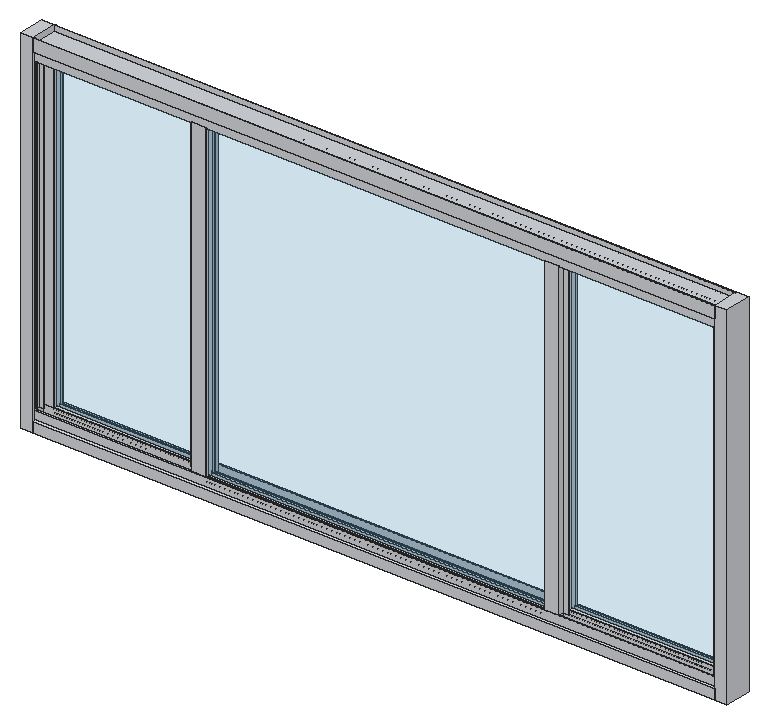
Revit family "MT-VMS_DB-SG_XOX", category Windows, host Wall, Revit 2017
Family settings
  Host = Wall
  OmniClass Number = 23.30.20.00
  OmniClass Title = Windows
  Always vertical = Yes
  Cut with Voids When Loaded = No
  Shared = No
  Room Calculation Point = No
Parameters
  YEAR = "2019"  # constant formula
  WARNING = if(or(Height = Max Height, Width = Max Width), 1 = 1, 1 = 0)  # no
  VERSION = "2.1"  # constant formula
  URL = "WWW.ALSPEC.COM.AU"
  TOLERANCE = 10 mm
  TODAYS DATE = "2/12/2018"  # constant formula
  SINGLE GLAZED THICKNESS = 5 mm
  Rough Width = 2000 mm
  Rough Height = 1000 mm
  OFFSET = 30 mm
  Model = "VIEWMAX SLIDING WINDOW"  # constant formula
  Max Width = if([76mm FRAME THICKNESS], ((MAX PANEL WIDTH + 31 mm) * 2), ((MAX PANEL WIDTH + 40 mm) * 2))  # 2462 mm
  Max Height = if([76mm FRAME THICKNESS], (MAX PANEL HEIGHT + 41 mm + 36 mm), (MAX PANEL HEIGHT + 50 mm + 56 mm))  # 1677 mm
  MAX PANEL WIDTH = 1200 mm  # constant formula
  MAX PANEL HEIGHT = 1600 mm  # constant formula
  Height = if(Rough Height > Max Height, Max Height, Rough Height)  # 1000 mm
  GLAZED MATERIAL = Glass
  FRAME MATERIAL = none
  Default Sill Height = 900 mm
  Wall Closure = By host
  Width = if(Rough Width > Max Width, Max Width, Rough Width)  # 2000 mm
  DOUBLE GLAZED THICKNESS = 15 mm
  DOUBLE GLAZED = no
  CREATOR = "SCOTT ISOUARD"  # constant formula
  COMPANY = "ARCHVIS"  # constant formula
  Analytic Construction = "<None>"
  ANZRC COMPLIANT = "YES"  # constant formula
  AIR POCKET = 5 mm
  76mm FRAME THICKNESS = not([101.6mm FRAME THICKNESS])  # yes
  101.6mm FRAME THICKNESS = no
Reference planes
  plane 1 "Center (Front/Back)": y = 0
  plane 2 "Center (Left/Right)": x = 0
  plane 3 "Left": x = -1000
  plane 4 "Right": x = 1000
  plane 5 "Sill": z = 900
  plane 6 "Head": z = 1900
  plane 7 "Exterior": y = 100
  plane 8 "Interior": y = -100
  plane 9: y = 70
  plane 10: x = -1010
  plane 11: x = 1010
  plane 12: z = 890
  plane 13: z = 1910
Lines and regions (mm)
  Opening 1
    outline origin (3500, -100, 0) x (1, 0, 0) y (0, 0, 1)
      loop
        line (-2490, 890) -> (-2490, 1910) -> (-4510, 1910) -> (-4510, 890) -> (-2490, 890)
Text (mm)
  text "EXTERIOR" at (-1963.203, 1332.353, 0), in view "Ref. Level"
  text "INTERIOR" at (-1981.466, -818.386, 0), in view "Ref. Level"
  text "Exterior" at (0, 923.751, 2943.296), in view "Right"
  text "Exterior" at (0, 1040.484, 2685.409), in view "Left"
Dimensions and locks
  equal spacing: plane 3 "Left", plane 2 "Center (Left/Right)", plane 4 "Right"
  "Width": plane 3 "Left" to plane 4 "Right"
  "Height": plane 5 "Sill" to plane 6 "Head"
  "Default Sill Height": plane 5 "Sill" to level
  locked: plane 7 "Exterior" to host wall at 0
  locked: plane 8 "Interior" to host wall
  "OFFSET": plane 9 to plane 7 "Exterior"
  "TOLERANCE": plane 10 to plane 3 "Left"
  "TOLERANCE": plane 4 "Right" to plane 11
  "TOLERANCE": plane 6 "Head" to plane 13
  "TOLERANCE": plane 12 to plane 5 "Sill"
  aligned and locked: Opening 1 sketch curve to plane 13
  aligned and locked: Opening 1 sketch curve to plane 11
  aligned and locked: Opening 1 sketch curve to plane 12
  aligned and locked: Opening 1 sketch curve to plane 10
  aligned and locked: nested 1 to plane 2 "Center (Left/Right)"
  aligned and locked: nested 2 to plane 2 "Center (Left/Right)"
  aligned and locked: nested 3 to plane 2 "Center (Left/Right)"
  aligned and locked: nested 3 to plane 9
  aligned and locked: nested 3 to plane 5 "Sill"
  aligned and locked: nested 2 to plane 9
  aligned and locked: nested 2 to plane 5 "Sill"
Nested families
  nested 1: "WARNING TAG" at (0, -1836.503, 0), MAX.WIDTH <- "MAX PANEL WIDTH", visible <- "WARNING", type "WARNING TAG"
    with MAX.WIDTH 1200 mm, MAX.HEIGHT 1600 mm
  nested 2: "VMS_DB-SG_XOX_76mm" at (0, 70, 900), visible <- "76mm FRAME THICKNESS", Sash Material <- "FRAME MATERIAL", type "VMS_DB-SG_XOX_76mm"
  nested 3: "VMS_DB-SG_XOX_101mm" at (0, 70, 900), visible <- "101.6mm FRAME THICKNESS", Sash Material <- "FRAME MATERIAL", type "VMS_DB-SG_XOX_101mm"
Definition of nested family "VMS_DB-SG_XOX_76mm"
  Parameters (values of type "VMS_DB-SG_XOX_76mm")
    WIDTH = 2000 mm
    Sash Material [instance] = none
    SINGLE GLAZED THICKNESS = 5 mm
    PANEL WIDTH = (WIDTH / 4 - 31 mm)  # 469 mm
    PANEL HEIGHT = HEIGHT - 36 mm - 41 mm  # 923 mm
    MID PANEL WIDTH = (WIDTH / 2 + 16 mm)  # 1016 mm
    HEIGHT = 1000 mm
    HAFT PANEL WIDTH = (PANEL WIDTH + 1 mm - 1 mm) / 2 + 1.8 mm  # 236.3 mm
    GLAZED MATERIAL = none
    FRAME WIDTH = 35 mm  # constant formula
    FRAME THICKNESS = 76 mm  # constant formula
    FRAME MATERIAL = none
    DOUBLE GLAZED THICKNESS = 15 mm
    DOUBLE GLAZED = no
    AIR POCKET = 5 mm
  Reference planes
    plane 1 "Center (Front/Back)": y = 0
    plane 2: z = 0
    plane 3 "Center (Left/Right)": x = 0
    plane 4: y = -76
    plane 5: x = -1000
    plane 6: x = 1000
    plane 7: x = -965
    plane 8: x = 965
    plane 9: z = 1000
    plane 10: z = 36
    plane 11: z = 959
    plane 12: y = -54
    plane 13: y = -22
    plane 14: x = -728.7
    plane 15: x = 728.7
    plane 16: x = -508
    plane 17: x = 508
  Forms (mm)
    Extrusion 1, solid, material <- "Sash Material"
      sketch origin (0, 0, 0) x (1, 0, 0) y (0, 1, 0)
        loop
          line (-1000, 0) -> (-1000, -76) -> (-965, -76) -> (-965, 0) -> (-1000, 0)
        loop
          line (965, 0) -> (965, -76) -> (1000, -76) -> (1000, 0) -> (965, 0)
      from 0 to 1000
    Sweep 2, solid, material <- "Sash Material"
      path origin (0, 0, 0) x (1, 0, 0) y (0, 0, 1)
        loop
          line (965, 1000) -> (-965, 1000)
      profile "VMS_VM8_HEAD DETAIL : VMS_VM8_HEAD DETAIL" origin (0, 0, 1000) x (0, 0, -1) y (0, -1, 0)
        loop
          line (0, 0) -> (35, 0) -> (35, 5.5) -> (59, 5.5) -> (59, 7.3) -> (33.2, 7.3) -> (33.2, 1.8) -> (16.1, 1.8) -> (16.1, 37.2) -> (59, 37.2) -> (59, 38.8) -> (16.1, 38.8) -> (16.1, 74.2) -> (33.2, 74.2) -> (33.2, 68.7) -> (59, 68.7) -> (59, 70.5) -> (35, 70.5) -> (35, 76) -> (0, 76) -> (0, 74.5) -> (14.5, 74.5) -> (14.5, 1.5) -> (0, 1.5) -> (0, 0)
    Sweep 3, solid, material <- "Sash Material"
      path origin (0, 0, 0) x (1, 0, 0) y (0, 0, 1)
        loop
          line (965, 0) -> (-965, 0)
      profile "VMS_VM10_BOT DETAIL : VMS_VM10_BOT DETAIL" origin (0, 0, 0) x (0, 0, -1) y (0, -1, 0)
        loop
          line (-14.448, 1.5) -> (-14.448, 38) -> (-18.196, 38) -> (-18.196, 74.4) -> (0, 74.4) -> (0, 76) -> (-27.256, 76) -> (-31.278, 70.723) -> (-56.143, 70.723) -> (-56.143, 68.723) -> (-31.278, 68.723) -> (-31.278, 38.823) -> (-56.143, 38.823) -> (-56.143, 37.223) -> (-31.278, 37.223) -> (-31.278, 7.323) -> (-56.143, 7.323) -> (-56.143, 5.323) -> (-31.278, 5.323) -> (-27.291, 0) -> (0, 0) -> (0, 1.5) -> (-14.448, 1.5)
        loop
          line (-29.678, 70.183) -> (-29.678, 5.689) -> (-26.54, 1.5) -> (-15.948, 1.5) -> (-15.948, 36.6) -> (-19.696, 36.6) -> (-19.696, 74.4) -> (-26.464, 74.4) -> (-29.678, 70.183)
    Sweep 4, solid, material <- "Sash Material"
      path origin (0, 0, 0) x (1, 0, 0) y (0, 0, 1)
        loop
          line (-965, 941) -> (-965, 56.143)
      profile "VMS_VM12_SILL DETAIL : VMS_VM12_SILL DETAIL" origin (-965, 0, 498.571) x (1, 0, 0) y (0, -1, 0)
        loop
          line (1.5, 37.2) -> (29.712, 37.2) -> (29.712, 38.8) -> (1.5, 38.8) -> (1.5, 53.9) -> (15, 53.9) -> (15, 55.4) -> (1.5, 55.4) -> (1.5, 69) -> (7.5, 69) -> (7.5, 70.7) -> (0, 70.7) -> (0, 5.3) -> (29.712, 5.3) -> (29.712, 7.3) -> (1.5, 7.3) -> (1.5, 37.2)
    Sweep 5, solid, material <- "Sash Material"
      path origin (0, 0, 0) x (1, 0, 0) y (0, 0, 1)
        loop
          line (965, 941) -> (965, 56.143)
      profile "VMS_VM12_SILL DETAIL : VMS_VM12_SILL DETAIL" origin (965, 0, 498.571) x (1, 0, 0) y (0, -1, 0)
        loop
          line (-1.5, 37.2) -> (-1.5, 7.3) -> (-29.712, 7.3) -> (-29.712, 5.3) -> (0, 5.3) -> (0, 70.7) -> (-7.5, 70.7) -> (-7.5, 69) -> (-1.5, 69) -> (-1.5, 55.4) -> (-15, 55.4) -> (-15, 53.9) -> (-1.5, 53.9) -> (-1.5, 38.8) -> (-29.712, 38.8) -> (-29.712, 37.2) -> (-1.5, 37.2)
    Sweep 6, solid, material <- "Sash Material"
      path origin (-870.249, -54, 1200) x (-1, 0, 0) y (0, 0, 1)
        loop
          line (-1378.249, -259) -> (-1378.249, -1143.857)
      profile "VMS_VM9_INTERLOCK : VMS_VM9_INTERLOCK" origin (508, -54, 498.571) x (-1, 0, 0) y (0, 1, 0)
        loop
          line (27.712, -13.356) -> (-10.2, -13.356) -> (-10.2, 13.544) -> (27.712, 13.544) -> (27.712, 15.044) -> (-10.2, 15.044) -> (-10.2, 18.379) -> (-0.692, 19.257) -> (-0.692, 20.102) -> (-12, 20.102) -> (-12, -0.056) -> (-27, -0.056) -> (-27, -1.556) -> (-12, -1.556) -> (-12, -16.856) -> (27.712, -16.856) -> (27.712, -13.356)
    Sweep 7, solid, material <- "Sash Material"
      path origin (-870.249, -54, 1200) x (-1, 0, 0) y (0, 0, 1)
        loop
          line (-362.249, -259) -> (-362.249, -1143.857)
      profile "VMS_VM9_INTERLOCK : VMS_VM9_INTERLOCK" origin (-508, -54, 498.571) x (-1, 0, 0) y (0, 1, 0)
        loop
          line (-27.712, -13.356) -> (-27.712, -16.856) -> (12, -16.856) -> (12, -1.556) -> (27, -1.556) -> (27, -0.056) -> (12, -0.056) -> (12, 20.102) -> (0.692, 20.102) -> (0.692, 19.257) -> (10.2, 18.379) -> (10.2, 15.044) -> (-27.712, 15.044) -> (-27.712, 13.544) -> (10.2, 13.544) -> (10.2, -13.356) -> (-27.712, -13.356)
  Lines and regions (mm)
    Masking region 1, detail levels coarse
      outline origin (0, 0, 0) x (1, 0, 0) y (0, 1, 0)
        loop
          line (-1000, 0) -> (-1000, -76) -> (-965, -76) -> (-965, 0) -> (-1000, 0)
        loop
          line (965, 0) -> (965, -76) -> (1000, -76) -> (1000, 0) -> (965, 0)
    Masking region 2, detail levels coarse
      outline origin (0, 0, 0) x (0, 1, 0) y (0, 0, 1)
        loop
          line (-76, 959) -> (0, 959) -> (0, 1000) -> (-76, 1000) -> (-76, 959)
        loop
          line (0, 27.291) -> (-5.323, 31.278) -> (-5.323, 36) -> (-70.723, 36) -> (-70.723, 31.278) -> (-76, 27.256) -> (-76, 0) -> (0, 0) -> (0, 27.291)
    symbolic lines
      curve 1: line (-965, 0, 0) -> (965, 0, 0)
      curve 2: line (-965, -76, 0) -> (965, -76, 0)
  Dimensions and locks
    equal spacing: plane 5, plane 3 "Center (Left/Right)", plane 6
    "FRAME THICKNESS": plane 4 to plane 1 "Center (Front/Back)"
    "FRAME WIDTH": plane 5 to plane 7
    "FRAME WIDTH": plane 8 to plane 6
    "WIDTH": plane 5 to plane 6
    "HEIGHT": plane 9 to plane 2
    locked: plane 9 to plane 11 at 41
    plane 10 to plane 2 = 36 mm
    locked: plane 13 to plane 1 "Center (Front/Back)" at 22
    locked: plane 12 to plane 4 at 22
    "HAFT PANEL WIDTH": plane 7 to plane 14
    "HAFT PANEL WIDTH": plane 15 to plane 8
    equal spacing: plane 16, plane 3 "Center (Left/Right)", plane 17
    "MID PANEL WIDTH": plane 16 to plane 17
    aligned and locked: level to plane 2
    aligned and locked: plane 1 "Center (Front/Back)" to Extrusion 1 sketch curve  (x2)
    aligned and locked: plane 5 to Extrusion 1 sketch curve
    aligned and locked: plane 4 to Extrusion 1 sketch curve  (x2)
    aligned and locked: Extrusion 1 sketch curve to plane 7
    aligned and locked: plane 8 to Extrusion 1 sketch curve
    aligned and locked: Extrusion 1 sketch curve to plane 6
    aligned and locked: plane 9 to Extrusion 1
    aligned and locked: Extrusion 1 to level
    aligned and locked: plane 9 to Sweep 2 sketch curve
    aligned and locked: plane 8 to Sweep 2 sketch curve
    aligned and locked: plane 7 to Sweep 2 sketch curve
    aligned and locked: plane 2 to Sweep 3 sketch curve
    aligned and locked: plane 8 to Sweep 3 sketch curve
    aligned and locked: plane 7 to Sweep 3 sketch curve
    aligned and locked: Sweep 4 sketch curve to plane 7
    aligned and locked: Sweep 4 sketch curve to Sweep 2
    aligned and locked: Sweep 3 to Sweep 4 sketch curve
    aligned and locked: Sweep 5 sketch curve to plane 8
    aligned and locked: Sweep 2 to Sweep 5 sketch curve
    aligned and locked: Sweep 5 sketch curve to Sweep 3
    aligned and locked: plane 15 to nested 1
    aligned and locked: nested 1 to plane 10
    aligned and locked: nested 1 to plane 13
    aligned and locked: plane 14 to nested 2
    aligned and locked: nested 2 to plane 10
    aligned and locked: Sweep 2 to Sweep 6 sketch curve
    aligned and locked: Sweep 3 to Sweep 6 sketch curve
    aligned and locked: plane 7 to curve 1
    aligned and locked: plane 8 to curve 1
    aligned and locked: plane 8 to curve 2
    aligned and locked: plane 7 to curve 2
    aligned and locked: plane 1 "Center (Front/Back)" to curve 1
    aligned and locked: curve 2 to plane 4
    aligned and locked: Masking region 1 sketch curve to Extrusion 1  (x4)
    aligned and locked: Masking region 1 sketch curve to Sweep 3  (x3)
    aligned and locked: Sweep 3 to Masking region 1 sketch curve
    aligned and locked: plane 1 "Center (Front/Back)" to nested 3
    aligned and locked: nested 3 to plane 7
    aligned and locked: plane 8 to nested 4
    aligned and locked: plane 1 "Center (Front/Back)" to nested 4
    aligned and locked: plane 7 to nested 5
    aligned and locked: plane 1 "Center (Front/Back)" to nested 5
    aligned and locked: nested 6 to plane 8
    aligned and locked: plane 1 "Center (Front/Back)" to nested 6
    aligned and locked: Masking region 2 sketch curve to plane 11
    aligned and locked: Masking region 2 sketch curve to plane 4
    aligned and locked: Masking region 2 sketch curve to Extrusion 1  (x2)
    aligned and locked: Extrusion 1 to Masking region 2 sketch curve
    aligned and locked: Masking region 2 sketch curve to Sweep 3  (x3)
    aligned and locked: Masking region 2 sketch curve to nested 1
    aligned and locked: Sweep 3 to Masking region 2 sketch curve
    aligned and locked: nested 7 to plane 9
    aligned and locked: plane 4 to nested 7
    aligned and locked: nested 8 to plane 9
    aligned and locked: plane 4 to nested 8
    aligned and locked: nested 9 to plane 2
    aligned and locked: plane 4 to nested 9
    aligned and locked: nested 10 to level
    aligned and locked: nested 10 to Extrusion 1
    aligned and locked: plane 13 to nested 2
    aligned and locked: plane 3 "Center (Left/Right)" to nested 11
    aligned and locked: plane 12 to nested 11
    aligned and locked: Sweep 6 sketch curve to plane 17
    aligned and locked: plane 16 to Sweep 7 sketch curve
    aligned and locked: Sweep 2 to Sweep 7 sketch curve
    aligned and locked: Sweep 3 to Sweep 7 sketch curve
  Automatic sketch dimensions
    plane 1 "Center (Front/Back)" to Masking region 2 sketch curve = 5.323 mm
    Masking region 2 sketch curve to plane 10 = 4.722 mm
    Masking region 2 sketch curve to Masking region 2 sketch curve = 3.988 mm
  Nested families
    nested 1: "VMS_DB-SG_GLAZED PANEL" at (728.7, -22, 36), Sash Material <- "Sash Material", type "VMS_DB-SG_GLAZED PANEL"
      with OPEN yes
    nested 2: "VMS_DB-SG_GLAZED PANEL" at (-728.7, -22, 36) x (-1, 0, 0) z (0, 0, 1), Sash Material <- "Sash Material", type "VMS_DB-SG_GLAZED PANEL"
      with OPEN yes
    nested 3: "MAIN FRAME 76MM_MEDIUM" at (-1000, 0, 0), type "MAIN FRAME 76MM_MEDIUM", detail levels medium
    nested 4: "MAIN FRAME 76MM_MEDIUM" at (1000, -76, 0) x (-1, 0, 0) z (0, 0, 1), type "MAIN FRAME 76MM_MEDIUM", detail levels medium
    nested 5: "AS1C CAVITY MAIN FRAME" at (-965, 0, 0), type "AS1C CAVITY MAIN FRAME", detail levels fine
    nested 6: "AS1C CAVITY MAIN FRAME" at (965, -76, 0) x (-1, 0, 0) z (0, 0, 1), type "AS1C CAVITY MAIN FRAME", detail levels fine
    nested 7: "VMS_VM8_HEAD DETAIL_MEDIUM" at (0, -76, 1000) x (0, 1, 0) z (1, 0, 0), type "VMS_VM8_HEAD DETAIL_MEDIUM", detail levels medium
    nested 8: "VMS_VM8_HEAD DETAIL_FINE" at (0, -76, 1000) x (0, 1, 0) z (1, 0, 0), type "VMS_VM8_HEAD DETAIL_FINE", detail levels fine
    nested 9: "VMS_VM10_BOT DETAIL_MEDIUM" at (0, -76, 0) x (0, 1, 0) z (1, 0, 0), type "VMS_VM10_BOT DETAIL_MEDIUM", detail levels medium
    nested 10: "VMS_VM10_BOT DETAIL_FINE" at (0, -76, 0) x (0, 1, 0) z (1, 0, 0), type "VMS_VM10_BOT DETAIL_FINE", detail levels fine
    nested 11: "VMS_DB-SG_GLAZED PANEL" at (0, -54, 36) x (-1, 0, 0) z (0, 0, 1), Sash Material <- "FRAME MATERIAL", type "VMS_DB-SG_GLAZED MID PANEL"
      with OPEN no
  Definition of nested family "VMS_DB-SG_GLAZED PANEL"
    Parameters (values of type "VMS_DB-SG_GLAZED PANEL")
      YEAR = "2018"  # constant formula
      VERSION = "2.0"  # constant formula
      TODAYS DATE = "22/11/2018"  # constant formula
      Sash Material [instance] = none
      SINGLE GLAZED THICKNESS = 5 mm
      SINGLE GLAZED = not(DOUBLE GLAZED)  # yes
      PANEL WIDTH = 469 mm
      PANEL HEIGHT = 923 mm
      OPEN [instance] = yes
      GLAZED WIDTH [instance] = 433 mm
      GLAZED RAIL MATERIAL = none
      GLAZED MATERIAL = none
      DOUBLE GLAZED THICKNESS = 15 mm
      DOUBLE GLAZED = no
      CREATOR = "Scott Isouard"  # constant formula
      COMPANY = "Archvis"  # constant formula
      Analytic Construction = "<None>"
      ANZRC COMPLIANT = "Yes"  # constant formula
      AIR POCKET = DOUBLE GLAZED THICKNESS - 10 mm  # 5 mm
    Types (2, lengths in mm): name | PANEL WIDTH | GLAZED WIDTH
      VMS_DB-SG_GLAZED PANEL | 469 | 433
      VMS_DB-SG_GLAZED MID PANEL | 1016 | 980
    Reference planes
      plane 1 "Center (Front/Back)": y = 0
      plane 2: z = 0
      plane 3 "Center (Left/Right)": x = 0
      plane 4: x = -234.5
      plane 5: x = 234.5
      plane 6: x = -216.5
      plane 7: x = 216.5
      plane 8: z = 923
      plane 9: z = 903
      plane 10: z = 20
      plane 11: z = 461.5
      plane 12: x = -206.586
      plane 13: x = 206.5
      plane 14: z = 10
      plane 15: z = 913
    Forms (mm)
      Extrusion 1, solid, material <- "GLAZED MATERIAL", visible <- "SINGLE GLAZED"
        sketch origin (0, 0, 0) x (1, 0, 0) y (0, 1, 0)
          loop
            line (-216.5, 2.5) -> (-216.5, -2.5) -> (216.5, -2.5) -> (216.5, 2.5) -> (-216.5, 2.5)
        from 10 to 913
      Extrusion 2, solid, material <- "GLAZED MATERIAL", visible <- "DOUBLE GLAZED"
        sketch origin (0, 0, 0) x (1, 0, 0) y (0, 1, 0)
          loop
            line (-216.5, 7.5) -> (-216.5, 2.5) -> (216.5, 2.5) -> (216.5, 7.5) -> (-216.5, 7.5)
          loop
            line (-216.5, -2.5) -> (-216.5, -7.5) -> (216.5, -7.5) -> (216.5, -2.5) -> (-216.5, -2.5)
        from 10 to 913
      Sweep 3, solid, material <- "Sash Material"
        path origin (0, 0, 0) x (1, 0, 0) y (0, 0, 1)
          loop
            line (-234.5, 923) -> (-234.5, 0)
        profile "VM__PROFILE_SACH SILL : VM__PROFILE_SACH SILL" origin (-234.5, 0, 461.5) x (1, 0, 0) y (0, -1, 0)
          loop
            line (0, 13.45) -> (0, -13.45) -> (28, -13.45) -> (28, -9.95) -> (10, -9.95) -> (10, 9.95) -> (28, 9.95) -> (28, 13.45) -> (0, 13.45)
      Sweep 4, solid, material <- "Sash Material"
        path origin (0, 0, 0) x (1, 0, 0) y (0, 0, 1)
          loop
            line (234.5, 923) -> (234.5, 0)
        profile "VM__PROFILE_SACH SILL : VM__PROFILE_SACH SILL" origin (234.5, 0, 461.5) x (1, 0, 0) y (0, -1, 0)
          loop
            line (0, 13.45) -> (-28, 13.45) -> (-28, 9.95) -> (-10, 9.95) -> (-10, -9.95) -> (-28, -9.95) -> (-28, -13.45) -> (0, -13.45) -> (0, 13.45)
      Sweep 5, solid, material <- "Sash Material"
        path origin (0, 0, 0) x (1, 0, 0) y (0, 0, 1)
          loop
            line (-206.586, 923) -> (206.5, 923)
        profile "VM__PROFILE_GLAZED RAIL : VM__PROFILE_GLAZED RAIL" origin (-0.043, 0, 923) x (0, 0, 1) y (0, -1, 0)
          loop
            line (-5.417, -13.45) -> (0, -8.033) -> (0, 8.033) -> (-5.417, 13.45) -> (-19.826, 13.45) -> (-19.826, 6.25) -> (-10, 6.25) -> (-10, -6.25) -> (-19.826, -6.25) -> (-19.826, -13.45) -> (-5.417, -13.45)
      Sweep 6, solid, material <- "Sash Material"
        path origin (0, 0, 0) x (1, 0, 0) y (0, 0, 1)
          loop
            line (206.5, 0) -> (-206.586, 0)
        profile "VM__PROFILE_GLAZED RAIL : VM__PROFILE_GLAZED RAIL" origin (-0.043, 0, 0) x (0, 0, -1) y (0, -1, 0)
          loop
            line (-5.417, -13.45) -> (0, -8.033) -> (0, 8.033) -> (-5.417, 13.45) -> (-19.826, 13.45) -> (-19.826, 6.25) -> (-10, 6.25) -> (-10, -6.25) -> (-19.826, -6.25) -> (-19.826, -13.45) -> (-5.417, -13.45)
    Lines and regions (mm)
      Masking region 1, detail levels coarse
        outline origin (0, 0, 0) x (1, 0, 0) y (0, 1, 0)
          loop
            line (-206.586, 13.45) -> (-234.5, 13.45) -> (-234.5, -13.45) -> (-206.586, -13.45) -> (-206.586, 13.45)
          loop
            line (206.5, 13.45) -> (206.5, -13.45) -> (234.5, -13.45) -> (234.5, 13.45) -> (206.5, 13.45)
      Masking region 2, detail levels coarse
        outline origin (0, 0, 0) x (0, 1, 0) y (0, 0, 1)
          loop
            line (13.45, 923) -> (-13.45, 923) -> (-13.45, 903.174) -> (13.45, 903.174) -> (13.45, 923)
          loop
            line (13.45, 20) -> (-13.45, 20) -> (-13.45, 0) -> (13.45, 0) -> (13.45, 20)
      model lines, visible <- "OPEN", not visible
        curve 1: line (116.296, -13.45, 713.931) -> (-19.098, -13.45, 715.656)
        curve 2: line (-134.348, -13.45, 741.334) -> (8.162, -13.45, 666.42)
        curve 3: line (8.162, -13.45, 666.42) -> (-19.098, -13.45, 715.656)
        curve 4: line (116.912, -13.45, 762.344) -> (-18.481, -13.45, 764.068)
        curve 5: line (-134.348, -13.45, 741.334) -> (10.023, -13.45, 812.593)
        curve 6: line (10.023, -13.45, 812.593) -> (-18.481, -13.45, 764.068)
        curve 7: line (116.296, -13.45, 713.931) -> (116.912, -13.45, 762.344)
        curve 8: line (116.604, -13.45, 738.138) -> (-134.348, -13.45, 741.334)
        curve 9: line (-2.207, 13.452, 837.659) -> (-4.793, 13.452, 634.675)
      model lines, visible <- "OPEN"
        curve 10: line (120.069, -13.45, 485.708) -> (-15.335, -13.45, 485.708)
        curve 11: line (-130.903, -13.45, 461.5) -> (12.549, -13.45, 534.592)
        curve 12: line (12.549, -13.45, 534.592) -> (-15.335, -13.45, 485.708)
        curve 13: line (120.069, -13.45, 437.292) -> (-15.335, -13.45, 437.292)
        curve 14: line (-130.903, -13.45, 461.5) -> (12.549, -13.45, 388.408)
        curve 15: line (12.549, -13.45, 388.408) -> (-15.335, -13.45, 437.292)
        curve 16: line (120.069, -13.45, 485.708) -> (120.069, -13.45, 437.292)
        curve 17: line (120.069, -13.45, 461.5) -> (-130.903, -13.45, 461.5)
        curve 18: line (0, 13.452, 363.5) -> (0, 13.452, 566.5)
      symbolic lines
        curve 19: line (-220.586, 13.45, 0) -> (220.588, 13.45, 0)
        curve 20: line (-220.586, -13.45, 0) -> (216.5, -13.45, 0)
        curve 21: line (0, 13.45, 913) -> (0, 13.45, 10)
        curve 22: line (0, -13.45, 913) -> (0, -13.45, 10)
      symbolic lines, visible <- "OPEN"
        curve 23: line (150, 92.507, 0) -> (-150, 92.507, 0)
        curve 24: line (-150, 92.507, 0) -> (-70.45, 172.057, 0)
    Dimensions and locks
      equal spacing: plane 4, plane 3 "Center (Left/Right)", plane 5
      "PANEL WIDTH": plane 4 to plane 5
      "PANEL HEIGHT": plane 8 to plane 2
      equal spacing: Extrusion 1 sketch curve, plane 1 "Center (Front/Back)", Extrusion 1 sketch curve
      "SINGLE GLAZED THICKNESS": Extrusion 1 sketch curve to Extrusion 1 sketch curve
      equal spacing: plane 8, plane 11, plane 2
      equal spacing: Extrusion 2 sketch curve, plane 1 "Center (Front/Back)", Extrusion 2 sketch curve  (x2)
      "AIR POCKET": Extrusion 2 sketch curve to Extrusion 2 sketch curve
      "DOUBLE GLAZED THICKNESS": Extrusion 2 sketch curve to Extrusion 2 sketch curve
      locked: plane 4 to plane 12 at 27.914
      locked: plane 13 to plane 5 at 28
      locked: plane 8 to plane 9 at 20
      locked: plane 4 to plane 6 at 18
      locked: plane 7 to plane 5 at 18
      "GLAZED WIDTH": plane 6 to plane 7
      locked: plane 10 to plane 2 at 20
      locked: plane 14 to plane 2 at 10
      locked: plane 8 to plane 15 at 10
      locked: curve 23 to Sweep 5 at 79.057
      equal spacing: curve 24, plane 3 "Center (Left/Right)", curve 23
      aligned and locked: level to plane 2
      aligned and locked: plane 6 to Extrusion 2 sketch curve  (x2)
      aligned and locked: Extrusion 2 sketch curve to plane 7  (x2)
      aligned and locked: plane 4 to Sweep 3 sketch curve
      aligned and locked: plane 2 to Sweep 3 sketch curve
      aligned and locked: plane 8 to Sweep 3 sketch curve
      aligned and locked: Sweep 4 sketch curve to plane 5
      aligned and locked: plane 8 to Sweep 4 sketch curve
      aligned and locked: plane 2 to Sweep 4 sketch curve
      aligned and locked: Extrusion 1 sketch curve to plane 7
      aligned and locked: plane 6 to Extrusion 1 sketch curve
      aligned and locked: plane 11 to curve 17
      aligned and locked: plane 3 "Center (Left/Right)" to curve 18
      aligned and locked: Sweep 5 sketch curve to plane 8
      aligned and locked: plane 12 to Sweep 5 sketch curve
      aligned and locked: plane 13 to Sweep 5 sketch curve
      aligned and locked: plane 2 to Sweep 6 sketch curve
      aligned and locked: plane 13 to Sweep 6 sketch curve
      aligned and locked: plane 12 to Sweep 6 sketch curve
      aligned and locked: Sweep 5 to Masking region 1 sketch curve  (x2)
      aligned and locked: Masking region 1 sketch curve to Sweep 5  (x3)
      aligned and locked: Masking region 1 sketch curve to plane 4
      aligned and locked: Masking region 1 sketch curve to plane 5
      aligned and locked: Masking region 1 to Sweep 5
      aligned and locked: curve 20 to Sweep 5
      aligned and locked: Masking region 2 sketch curve to Sweep 4  (x2)
      aligned and locked: Sweep 4 to Masking region 2 sketch curve  (x2)
      aligned and locked: Masking region 2 sketch curve to Sweep 5  (x2)
      aligned and locked: Masking region 2 sketch curve to Sweep 6
      aligned and locked: Masking region 2 sketch curve to plane 10
      aligned and locked: nested 1 to plane 1 "Center (Front/Back)"
      aligned and locked: plane 2 to nested 1
      aligned and locked: nested 2 to plane 8
      aligned and locked: plane 1 "Center (Front/Back)" to nested 2
      aligned and locked: nested 3 to plane 8
      aligned and locked: plane 1 "Center (Front/Back)" to nested 3
      aligned and locked: plane 2 to nested 4
      aligned and locked: nested 4 to plane 1 "Center (Front/Back)"
      aligned and locked: Extrusion 2 to Sweep 6
      aligned and locked: Extrusion 2 to Extrusion 1  (x2)
      aligned and locked: nested 5 to plane 8
      aligned and locked: plane 1 "Center (Front/Back)" to nested 5
      aligned and locked: plane 2 to nested 6
      aligned and locked: nested 6 to plane 1 "Center (Front/Back)"
      aligned and locked: plane 2 to nested 7
      aligned and locked: nested 7 to plane 1 "Center (Front/Back)"
      aligned and locked: nested 8 to plane 8
      aligned and locked: plane 1 "Center (Front/Back)" to nested 8
      aligned and locked: Sweep 3 to curve 21
      aligned and locked: curve 22 to Sweep 3
      aligned and locked: curve 19 to Sweep 5
      aligned and locked: plane 7 to curve 20
      aligned and locked: plane 15 to curve 22
      aligned and locked: plane 15 to curve 21
      aligned and locked: plane 14 to curve 21
      aligned and locked: plane 14 to curve 22
      aligned and locked: plane 15 to Extrusion 2
      aligned and locked: plane 4 to nested 9
      aligned and locked: nested 9 to Sweep 3
      aligned and locked: plane 4 to nested 10
      aligned and locked: nested 10 to nested 9
      aligned and locked: plane 4 to nested 11
      aligned and locked: Masking region 1 to plane 13
      aligned and locked: plane 4 to nested 12
      aligned and locked: nested 12 to Sweep 5
      aligned and locked: plane 5 to nested 13
      aligned and locked: nested 13 to Sweep 4
      aligned and locked: plane 5 to nested 14
      aligned and locked: nested 14 to nested 13
      aligned and locked: plane 5 to nested 15
      aligned and locked: nested 14 to nested 15
      aligned and locked: plane 5 to nested 16
      aligned and locked: nested 16 to nested 15  (x2)
      aligned and locked: curve 19 to nested 16
      aligned and locked: nested 12 to curve 19
      aligned and locked: curve 20 to nested 12
    Automatic sketch dimensions
      curve 9 to curve 2 = 34.287 mm
      curve 2 to curve 7 = 118.111 mm
      curve 1 to curve 8 = 24.208 mm
      curve 3 to curve 4 = 48.416 mm
      curve 4 to curve 5 = 56.278 mm
      curve 5 to curve 9 = 27.89 mm
      curve 3 to curve 1 = 118.111 mm
      curve 6 to curve 4 = 118.111 mm
      curve 9 to curve 5 = 27.89 mm
      curve 3 to curve 2 = 56.278 mm
      curve 6 to curve 3 = 48.416 mm
      curve 8 to curve 4 = 118.076 mm
      curve 18 to curve 11 = 34.287 mm
      curve 11 to curve 16 = 118.111 mm
      curve 10 to curve 17 = 24.208 mm
      curve 12 to curve 13 = 48.416 mm
      curve 13 to curve 14 = 56.278 mm
      curve 14 to curve 18 = 27.89 mm
      curve 12 to curve 10 = 118.111 mm
      curve 15 to curve 13 = 118.111 mm
      curve 18 to curve 14 = 27.89 mm
      curve 12 to curve 11 = 56.278 mm
      curve 15 to curve 12 = 48.416 mm
      curve 17 to curve 13 = 118.076 mm
      curve 18 to curve 18 = 2.585 mm
      curve 18 to curve 18 = 202.984 mm
      curve 11 to curve 16 = 47.511 mm
      curve 11 to curve 12 = 49.235 mm
      curve 10 to curve 11 = 25.678 mm
      curve 10 to curve 16 = 48.412 mm
      curve 10 to curve 13 = 48.412 mm
      curve 13 to curve 15 = 48.525 mm
      curve 11 to curve 12 = 115.25 mm
      curve 10 to curve 15 = 0.617 mm
      curve 10 to curve 12 = 27.26 mm
      curve 13 to curve 14 = 28.505 mm
      curve 9 to curve 9 = 2.585 mm
      curve 9 to curve 9 = 202.984 mm
      curve 2 to curve 7 = 47.511 mm
      curve 2 to curve 3 = 49.235 mm
      curve 1 to curve 2 = 25.678 mm
      curve 1 to curve 7 = 48.412 mm
      curve 1 to curve 4 = 48.412 mm
      curve 4 to curve 6 = 48.525 mm
      curve 3 to curve 2 = 115.25 mm
      curve 6 to curve 1 = 0.617 mm
      curve 3 to curve 1 = 27.26 mm
      curve 5 to curve 4 = 28.505 mm
      Masking region 1 sketch curve to plane 13 = 0 mm
      curve 24 to curve 24 = 79.55 mm
      curve 19 to plane 6 = 4.086 mm
      curve 20 to plane 6 = 4.086 mm
      plane 7 to curve 19 = 4.088 mm
      curve 23 to curve 24 = 79.55 mm
      plane 12 to curve 24 = 56.586 mm
    Nested families
      nested 1: "VM62_DOUBLE GLAZE RAIL_Mid detail" at (0, 0, 0) x (0, 0, 1) z (1, 0, 0), visible <- "DOUBLE GLAZED", type "VM62_DOUBLE GLAZE RAIL_Mid detail", detail levels medium
      nested 2: "VM62_DOUBLE GLAZE RAIL_Mid detail" at (0, 0, 923) x (0, 0, -1) z (1, 0, 0), visible <- "DOUBLE GLAZED", type "VM62_DOUBLE GLAZE RAIL_Mid detail", detail levels medium
      nested 3: "VM62_SGL GLAZE RAIL_Mid detail" at (0, 0, 923) x (0, 0, -1) z (1, 0, 0), visible <- "SINGLE GLAZED", type "VM62_SGL GLAZE RAIL_Mid detail", detail levels medium
      nested 4: "VM62_SGL GLAZE RAIL_Mid detail" at (0, 0, 0) x (0, 0, 1) z (1, 0, 0), visible <- "SINGLE GLAZED", type "VM62_SGL GLAZE RAIL_Mid detail", detail levels medium
      nested 5: "vm1_single glaze rail" at (0, 0, 923) x (0, 0, -1) z (1, 0, 0), visible <- "SINGLE GLAZED", type "vm1_single glaze rail", detail levels fine
      nested 6: "vm1_single glaze rail" at (0, 0, 0) x (0, 0, 1) z (1, 0, 0), visible <- "SINGLE GLAZED", type "vm1_single glaze rail", detail levels fine
      nested 7: "VM62_DOUBLE GLAZE RAIL" at (0, 0, 0) x (0, 0, 1) z (1, 0, 0), visible <- "DOUBLE GLAZED", type "VM62_DOUBLE GLAZE RAIL", detail levels fine
      nested 8: "VM62_DOUBLE GLAZE RAIL" at (0, 0, 923) x (0, 0, -1) z (1, 0, 0), visible <- "DOUBLE GLAZED", type "VM62_DOUBLE GLAZE RAIL", detail levels fine
      nested 9: "VMS_V3_SGL_FINE" at (-234.5, 13.45, 0), visible <- "SINGLE GLAZED", type "VMS_V3_SGL_FINE", detail levels fine
      nested 10: "VMS_V3_SGL_MEDIUM" at (-234.5, 13.45, 0), visible <- "SINGLE GLAZED", type "VMS_V3_SGL_MEDIUM", detail levels medium
      nested 11: "VMS_VM64_SILL DETAIL_FINE" at (-234.5, 13.45, 0), visible <- "DOUBLE GLAZED", type "VMS_VM64_SILL DETAIL_FINE", detail levels fine
      nested 12: "VMS_VM64_SILL DETAIL_MEDIUM" at (-234.5, 13.45, 0), visible <- "DOUBLE GLAZED", type "VMS_VM64_SILL DETAIL_MEDIUM", detail levels medium
      nested 13: "VMS_VM5_SILL DETAIL_FINE" at (234.5, -13.45, 0) x (0, 1, 0) z (0, 0, 1), visible <- "SINGLE GLAZED", type "VMS_VM5_SILL DETAIL_FINE", detail levels fine
      nested 14: "VMS_VM5_SILL DETAIL_MEDIUM" at (234.5, -13.45, 0) x (0, 1, 0) z (0, 0, 1), visible <- "SINGLE GLAZED", type "VMS_VM5_SILL DETAIL_MEDIUM", detail levels medium
      nested 15: "VMS_VM66_SILL DETAIL_FINE" at (234.5, -13.45, 0) x (0, 1, 0) z (0, 0, 1), visible <- "DOUBLE GLAZED", type "VMS_VM66_SILL DETAIL_FINE", detail levels fine
      nested 16: "VMS_VM66_SILL DETAIL_MEDIUM" at (234.554, -13.45, 0) x (0, 1, 0) z (0, 0, 1), visible <- "DOUBLE GLAZED", type "VMS_VM66_SILL DETAIL_MEDIUM", detail levels medium
    Definition of nested family "VM62_DOUBLE GLAZE RAIL_Mid detail"
      Reference planes
        plane 1 "Center (Front/Back)": y = 0
        plane 2: z = 0
        plane 3 "Center (Left/Right)": x = 0
        plane 4: x = 10
      Lines and regions (mm)
        detail lines, in view "Ref. Level"
          curve 1: line (19.826, 13.45, 0) -> (19.826, 10.52, 0)
          curve 2: line (19.826, 10.52, 0) -> (10, 10.52, 0)
          curve 3: line (10, -10.52, 0) -> (19.826, -10.52, 0)
          curve 4: line (19.826, -10.52, 0) -> (19.826, -13.45, 0)
          curve 5: line (19.826, -13.45, 0) -> (5.417, -13.45, 0)
          curve 6: line (5.417, -13.45, 0) -> (0, -8.033, 0)
          curve 7: line (0, -8.033, 0) -> (0, 8.033, 0)
          curve 8: line (0, 8.033, 0) -> (5.417, 13.45, 0)
          curve 9: line (5.417, 13.45, 0) -> (19.826, 13.45, 0)
          curve 10: line (10, -10.52, 0) -> (10, 10.52, 0)
      Dimensions and locks
        plane 3 "Center (Left/Right)" to plane 4 = 10 mm
    Definition of nested family "VM62_SGL GLAZE RAIL_Mid detail"
      Reference planes
        plane 1 "Center (Front/Back)": y = 0
        plane 2: z = 0
        plane 3 "Center (Left/Right)": x = 0
        plane 4: x = 10
      Lines and regions (mm)
        detail lines, in view "Ref. Level"
          curve 1: line (19.826, 13.45, 0) -> (19.826, 6.45, 0)
          curve 2: line (19.826, 6.45, 0) -> (10, 6.45, 0)
          curve 3: line (10, -6.45, 0) -> (19.826, -6.45, 0)
          curve 4: line (19.826, -6.45, 0) -> (19.826, -13.45, 0)
          curve 5: line (19.826, -13.45, 0) -> (5.417, -13.45, 0)
          curve 6: line (5.417, -13.45, 0) -> (0, -8.033, 0)
          curve 7: line (0, -8.033, 0) -> (0, 8.033, 0)
          curve 8: line (0, 8.033, 0) -> (5.417, 13.45, 0)
          curve 9: line (5.417, 13.45, 0) -> (19.826, 13.45, 0)
          curve 10: line (10, -6.45, 0) -> (10, 6.45, 0)
      Dimensions and locks
        plane 3 "Center (Left/Right)" to plane 4 = 10 mm
    Definition of nested family "vm1_single glaze rail"
      Reference planes
        plane 1 "Center (Front/Back)": y = 0
        plane 2: z = 0
        plane 3 "Center (Left/Right)": x = 0
      Lines and regions (mm)
        detail lines, in view "Ref. Level"
          curve 1: arc (5.316, -8.679, 0) -> (5.078, -8.372, 0) -> (4.771, -8.134, 0) r 1.525
          curve 2: arc (3.99, -7.925, 0) -> (3.633, -7.97, 0) -> (3.297, -8.097, 0) r 1.525
          curve 3: arc (2.647, -8.747, 0) -> (2.525, -9.062, 0) -> (2.476, -9.396, 0) r 1.525
          curve 4: arc (2.476, -9.396, 0) -> (2.18, -9.815, 0) -> (1.678, -9.711, 0) r 0.468
          curve 5: arc (0.088, -8.121, 0) -> (0.023, -8.024, 0) -> (0, -7.909, 0) r 0.3
          curve 6: arc (0, 7.909, 0) -> (0.023, 8.024, 0) -> (0.088, 8.121, 0) r 0.3
          curve 7: arc (1.678, 9.711, 0) -> (2.18, 9.815, 0) -> (2.476, 9.396, 0) r 0.468
          curve 8: arc (2.476, 9.396, 0) -> (2.525, 9.062, 0) -> (2.647, 8.747, 0) r 1.525
          curve 9: arc (3.297, 8.097, 0) -> (3.633, 7.97, 0) -> (3.99, 7.925, 0) r 1.525
          curve 10: arc (4.771, 8.134, 0) -> (5.078, 8.372, 0) -> (5.316, 8.679, 0) r 1.525
          curve 11: arc (5.525, 9.46, 0) -> (5.48, 9.817, 0) -> (5.353, 10.153, 0) r 1.525
          curve 12: arc (4.703, 10.803, 0) -> (4.388, 10.925, 0) -> (4.054, 10.974, 0) r 1.525
          curve 13: arc (4.054, 10.974, 0) -> (3.635, 11.27, 0) -> (3.739, 11.772, 0) r 0.468
          curve 14: arc (5.329, 13.362, 0) -> (5.426, 13.427, 0) -> (5.541, 13.45, 0) r 0.3
          curve 15: arc (13.831, 13.45, 0) -> (14.236, 13.045, 0) -> (13.831, 12.64, 0) r 0.405
          curve 16: arc (13.126, 11.82, 0) -> (13.214, 11.608, 0) -> (13.426, 11.52, 0) r 0.3
          curve 17: arc (13.936, 11.52, 0) -> (14.149, 11.432, 0) -> (14.236, 11.22, 0) r 0.3
          curve 18: arc (14.236, 10.62, 0) -> (14.149, 10.408, 0) -> (13.936, 10.32, 0) r 0.3
          curve 19: arc (13.426, 10.32, 0) -> (13.214, 10.232, 0) -> (13.126, 10.02, 0) r 0.3
          curve 20: arc (13.126, 8.576, 0) -> (13.214, 8.364, 0) -> (13.426, 8.276, 0) r 0.3
          curve 21: arc (18.226, 8.276, 0) -> (18.439, 8.364, 0) -> (18.526, 8.576, 0) r 0.3
          curve 22: arc (18.526, 10.02, 0) -> (18.439, 10.232, 0) -> (18.226, 10.32, 0) r 0.3
          curve 23: arc (17.716, 10.32, 0) -> (17.504, 10.408, 0) -> (17.416, 10.62, 0) r 0.3
          curve 24: arc (17.416, 11.22, 0) -> (17.504, 11.432, 0) -> (17.716, 11.52, 0) r 0.3
          curve 25: arc (18.226, 11.52, 0) -> (18.439, 11.608, 0) -> (18.526, 11.82, 0) r 0.3
          curve 26: arc (17.821, 12.64, 0) -> (17.416, 13.045, 0) -> (17.821, 13.45, 0) r 0.405
          curve 27: arc (19.026, 13.45, 0) -> (19.592, 13.216, 0) -> (19.826, 12.65, 0) r 0.8
          curve 28: arc (19.826, 6.961, 0) -> (19.751, 6.727, 0) -> (19.553, 6.581, 0) r 0.4
          curve 29: arc (18.59, 6.26, 0) -> (18.409, 6.288, 0) -> (18.326, 6.45, 0) r 0.2
          curve 30: arc (17.137, 6.284, 0) -> (16.932, 6.274, 0) -> (16.826, 6.45, 0) r 0.2
          curve 31: arc (15.637, 6.284, 0) -> (15.432, 6.274, 0) -> (15.326, 6.45, 0) r 0.2
          curve 32: arc (14.137, 6.284, 0) -> (13.932, 6.274, 0) -> (13.826, 6.45, 0) r 0.2
          curve 33: arc (13.426, 7.25, 0) -> (12.366, 7.689, 0) -> (11.926, 8.75, 0) r 1.5
          curve 34: arc (11.926, 11.75, 0) -> (11.839, 11.962, 0) -> (11.626, 12.05, 0) r 0.3
          curve 35: arc (6.463, 12.05, 0) -> (6.188, 11.87, 0) -> (6.244, 11.545, 0) r 0.3
          curve 36: arc (6.244, 11.545, 0) -> (7.057, 9.17, 0) -> (5.826, 6.982, 0) r 3.07
          curve 37: arc (5.826, 6.982, 0) -> (3.825, 6.385, 0) -> (1.905, 7.206, 0) r 3.07
          curve 38: arc (1.905, 7.206, 0) -> (1.58, 7.262, 0) -> (1.4, 6.987, 0) r 0.3
          curve 39: arc (1.4, -6.987, 0) -> (1.58, -7.262, 0) -> (1.905, -7.206, 0) r 0.3
          curve 40: arc (1.905, -7.206, 0) -> (3.825, -6.385, 0) -> (5.826, -6.982, 0) r 3.07
          curve 41: arc (5.826, -6.982, 0) -> (7.057, -9.17, 0) -> (6.244, -11.545, 0) r 3.07
          curve 42: arc (6.244, -11.545, 0) -> (6.188, -11.87, 0) -> (6.463, -12.05, 0) r 0.3
          curve 43: arc (11.626, -12.05, 0) -> (11.839, -11.962, 0) -> (11.926, -11.75, 0) r 0.3
          curve 44: arc (11.926, -8.75, 0) -> (12.366, -7.689, 0) -> (13.426, -7.25, 0) r 1.5
          curve 45: arc (13.826, -6.45, 0) -> (13.932, -6.274, 0) -> (14.137, -6.284, 0) r 0.2
          curve 46: arc (15.326, -6.45, 0) -> (15.432, -6.274, 0) -> (15.637, -6.284, 0) r 0.2
          curve 47: arc (16.826, -6.45, 0) -> (16.932, -6.274, 0) -> (17.137, -6.284, 0) r 0.2
          curve 48: arc (18.326, -6.45, 0) -> (18.409, -6.288, 0) -> (18.59, -6.26, 0) r 0.2
          curve 49: arc (19.553, -6.581, 0) -> (19.751, -6.727, 0) -> (19.826, -6.961, 0) r 0.4
          curve 50: arc (19.826, -12.65, 0) -> (19.592, -13.216, 0) -> (19.026, -13.45, 0) r 0.8
          curve 51: arc (17.821, -13.45, 0) -> (17.416, -13.045, 0) -> (17.821, -12.64, 0) r 0.405
          curve 52: arc (18.526, -11.82, 0) -> (18.439, -11.608, 0) -> (18.226, -11.52, 0) r 0.3
          curve 53: arc (17.716, -11.52, 0) -> (17.504, -11.432, 0) -> (17.416, -11.22, 0) r 0.3
          curve 54: arc (17.416, -10.62, 0) -> (17.504, -10.408, 0) -> (17.716, -10.32, 0) r 0.3
          curve 55: arc (18.226, -10.32, 0) -> (18.439, -10.232, 0) -> (18.526, -10.02, 0) r 0.3
          curve 56: arc (18.526, -8.576, 0) -> (18.439, -8.364, 0) -> (18.226, -8.276, 0) r 0.3
          curve 57: arc (13.426, -8.276, 0) -> (13.214, -8.364, 0) -> (13.126, -8.576, 0) r 0.3
          curve 58: arc (13.126, -10.02, 0) -> (13.214, -10.232, 0) -> (13.426, -10.32, 0) r 0.3
          curve 59: arc (13.936, -10.32, 0) -> (14.149, -10.408, 0) -> (14.236, -10.62, 0) r 0.3
          curve 60: arc (14.236, -11.22, 0) -> (14.149, -11.432, 0) -> (13.936, -11.52, 0) r 0.3
          curve 61: arc (13.426, -11.52, 0) -> (13.214, -11.608, 0) -> (13.126, -11.82, 0) r 0.3
          curve 62: arc (13.831, -12.64, 0) -> (14.236, -13.045, 0) -> (13.831, -13.45, 0) r 0.405
          curve 63: arc (5.541, -13.45, 0) -> (5.426, -13.427, 0) -> (5.329, -13.362, 0) r 0.3
          curve 64: arc (3.739, -11.772, 0) -> (3.635, -11.27, 0) -> (4.054, -10.974, 0) r 0.468
          curve 65: arc (4.054, -10.974, 0) -> (4.388, -10.925, 0) -> (4.703, -10.803, 0) r 1.525
          curve 66: arc (5.353, -10.153, 0) -> (5.48, -9.817, 0) -> (5.525, -9.46, 0) r 1.525
          curve 67: line (4.771, -8.134, 0) -> (4.485, -7.639, 0)
          curve 68: line (4.485, -7.639, 0) -> (3.99, -7.925, 0)
          curve 69: line (3.297, -8.097, 0) -> (2.675, -8.125, 0)
          curve 70: line (2.675, -8.125, 0) -> (2.647, -8.747, 0)
          curve 71: line (1.678, -9.711, 0) -> (0.088, -8.121, 0)
          curve 72: line (0, -7.909, 0) -> (0, 7.909, 0)
          curve 73: line (0.088, 8.121, 0) -> (1.678, 9.711, 0)
          curve 74: line (2.647, 8.747, 0) -> (2.675, 8.125, 0)
          curve 75: line (2.675, 8.125, 0) -> (3.297, 8.097, 0)
          curve 76: line (3.99, 7.925, 0) -> (4.485, 7.639, 0)
          curve 77: line (4.485, 7.639, 0) -> (4.771, 8.134, 0)
          curve 78: line (5.316, 8.679, 0) -> (5.811, 8.965, 0)
          curve 79: line (5.811, 8.965, 0) -> (5.525, 9.46, 0)
          curve 80: line (5.353, 10.153, 0) -> (5.325, 10.775, 0)
          curve 81: line (5.325, 10.775, 0) -> (4.703, 10.803, 0)
          curve 82: line (3.739, 11.772, 0) -> (5.329, 13.362, 0)
          curve 83: line (5.541, 13.45, 0) -> (13.831, 13.45, 0)
          curve 84: line (13.831, 12.64, 0) -> (13.126, 12.64, 0)
          curve 85: line (13.126, 12.64, 0) -> (13.126, 11.82, 0)
          curve 86: line (13.426, 11.52, 0) -> (13.936, 11.52, 0)
          curve 87: line (14.236, 11.22, 0) -> (14.236, 10.62, 0)
          curve 88: line (13.936, 10.32, 0) -> (13.426, 10.32, 0)
          curve 89: line (13.126, 10.02, 0) -> (13.126, 8.576, 0)
          curve 90: line (13.426, 8.276, 0) -> (18.226, 8.276, 0)
          curve 91: line (18.526, 8.576, 0) -> (18.526, 10.02, 0)
          curve 92: line (18.226, 10.32, 0) -> (17.716, 10.32, 0)
          curve 93: line (17.416, 10.62, 0) -> (17.416, 11.22, 0)
          curve 94: line (17.716, 11.52, 0) -> (18.226, 11.52, 0)
          curve 95: line (18.526, 11.82, 0) -> (18.526, 12.64, 0)
          curve 96: line (18.526, 12.64, 0) -> (17.821, 12.64, 0)
          curve 97: line (17.821, 13.45, 0) -> (19.026, 13.45, 0)
          curve 98: line (19.826, 12.65, 0) -> (19.826, 6.961, 0)
          curve 99: line (19.553, 6.581, 0) -> (18.59, 6.26, 0)
          curve 100: line (18.326, 6.45, 0) -> (18.326, 7.076, 0)
          curve 101: line (18.326, 7.076, 0) -> (17.137, 6.284, 0)
          curve 102: line (16.826, 6.45, 0) -> (16.826, 7.076, 0)
          curve 103: line (16.826, 7.076, 0) -> (15.637, 6.284, 0)
          curve 104: line (15.326, 6.45, 0) -> (15.326, 7.076, 0)
          curve 105: line (15.326, 7.076, 0) -> (14.137, 6.284, 0)
          curve 106: line (13.826, 6.45, 0) -> (13.826, 7.25, 0)
          curve 107: line (13.826, 7.25, 0) -> (13.426, 7.25, 0)
          curve 108: line (11.926, 8.75, 0) -> (11.926, 11.75, 0)
          curve 109: line (11.626, 12.05, 0) -> (6.463, 12.05, 0)
          curve 110: line (1.4, 6.987, 0) -> (1.4, -6.987, 0)
          curve 111: line (6.463, -12.05, 0) -> (11.626, -12.05, 0)
          curve 112: line (11.926, -11.75, 0) -> (11.926, -8.75, 0)
          curve 113: line (13.426, -7.25, 0) -> (13.826, -7.25, 0)
          curve 114: line (13.826, -7.25, 0) -> (13.826, -6.45, 0)
          curve 115: line (14.137, -6.284, 0) -> (15.326, -7.076, 0)
          curve 116: line (15.326, -7.076, 0) -> (15.326, -6.45, 0)
          curve 117: line (15.637, -6.284, 0) -> (16.826, -7.076, 0)
          curve 118: line (16.826, -7.076, 0) -> (16.826, -6.45, 0)
          curve 119: line (17.137, -6.284, 0) -> (18.326, -7.076, 0)
          curve 120: line (18.326, -7.076, 0) -> (18.326, -6.45, 0)
          curve 121: line (18.59, -6.26, 0) -> (19.553, -6.581, 0)
          curve 122: line (19.826, -6.961, 0) -> (19.826, -12.65, 0)
          curve 123: line (19.026, -13.45, 0) -> (17.821, -13.45, 0)
          curve 124: line (17.821, -12.64, 0) -> (18.526, -12.64, 0)
          curve 125: line (18.526, -12.64, 0) -> (18.526, -11.82, 0)
          curve 126: line (18.226, -11.52, 0) -> (17.716, -11.52, 0)
          curve 127: line (17.416, -11.22, 0) -> (17.416, -10.62, 0)
          curve 128: line (17.716, -10.32, 0) -> (18.226, -10.32, 0)
          curve 129: line (18.526, -10.02, 0) -> (18.526, -8.576, 0)
          curve 130: line (18.226, -8.276, 0) -> (13.426, -8.276, 0)
          curve 131: line (13.126, -8.576, 0) -> (13.126, -10.02, 0)
          curve 132: line (13.426, -10.32, 0) -> (13.936, -10.32, 0)
          curve 133: line (14.236, -10.62, 0) -> (14.236, -11.22, 0)
          curve 134: line (13.936, -11.52, 0) -> (13.426, -11.52, 0)
          curve 135: line (13.126, -11.82, 0) -> (13.126, -12.64, 0)
          curve 136: line (13.126, -12.64, 0) -> (13.831, -12.64, 0)
          curve 137: line (13.831, -13.45, 0) -> (5.541, -13.45, 0)
          curve 138: line (5.329, -13.362, 0) -> (3.739, -11.772, 0)
          curve 139: line (4.703, -10.803, 0) -> (5.325, -10.775, 0)
          curve 140: line (5.325, -10.775, 0) -> (5.353, -10.153, 0)
          curve 141: line (5.525, -9.46, 0) -> (5.811, -8.965, 0)
          curve 142: line (5.811, -8.965, 0) -> (5.316, -8.679, 0)
    Definition of nested family "VM62_DOUBLE GLAZE RAIL"
      Reference planes
        plane 1 "Center (Front/Back)": y = 0
        plane 2: z = 0
        plane 3 "Center (Left/Right)": x = 0
      Lines and regions (mm)
        detail lines, in view "Ref. Level"
          curve 1: arc (17.821, 12.64, 0) -> (17.416, 13.045, 0) -> (17.821, 13.45, 0) r 0.405
          curve 2: arc (19.026, 13.45, 0) -> (19.592, 13.216, 0) -> (19.826, 12.65, 0) r 0.8
          curve 3: arc (19.826, 10.711, 0) -> (19.751, 10.477, 0) -> (19.553, 10.331, 0) r 0.4
          curve 4: arc (18.59, 10.01, 0) -> (18.409, 10.038, 0) -> (18.326, 10.2, 0) r 0.2
          curve 5: arc (17.102, 10.002, 0) -> (16.915, 10.021, 0) -> (16.826, 10.187, 0) r 0.2
          curve 6: arc (15.602, 10.009, 0) -> (15.415, 10.028, 0) -> (15.326, 10.194, 0) r 0.2
          curve 7: arc (14.102, 10.016, 0) -> (13.915, 10.035, 0) -> (13.826, 10.201, 0) r 0.2
          curve 8: arc (12.726, 10.52, 0) -> (12.161, 10.754, 0) -> (11.926, 11.32, 0) r 0.8
          curve 9: arc (11.926, 11.75, 0) -> (11.839, 11.962, 0) -> (11.626, 12.05, 0) r 0.3
          curve 10: arc (6.463, 12.05, 0) -> (6.188, 11.87, 0) -> (6.244, 11.545, 0) r 0.3
          curve 11: arc (6.244, 11.545, 0) -> (7.057, 9.17, 0) -> (5.826, 6.982, 0) r 3.07
          curve 12: arc (5.826, 6.982, 0) -> (3.825, 6.385, 0) -> (1.905, 7.206, 0) r 3.07
          curve 13: arc (1.905, 7.206, 0) -> (1.58, 7.262, 0) -> (1.4, 6.987, 0) r 0.3
          curve 14: arc (1.4, -6.987, 0) -> (1.58, -7.262, 0) -> (1.905, -7.206, 0) r 0.3
          curve 15: arc (1.905, -7.206, 0) -> (3.825, -6.385, 0) -> (5.826, -6.982, 0) r 3.07
          curve 16: arc (5.826, -6.982, 0) -> (7.057, -9.17, 0) -> (6.244, -11.545, 0) r 3.07
          curve 17: arc (6.244, -11.545, 0) -> (6.188, -11.87, 0) -> (6.463, -12.05, 0) r 0.3
          curve 18: arc (11.626, -12.05, 0) -> (11.839, -11.962, 0) -> (11.926, -11.75, 0) r 0.3
          curve 19: arc (11.926, -11.32, 0) -> (12.161, -10.754, 0) -> (12.726, -10.52, 0) r 0.8
          curve 20: arc (13.826, -10.201, 0) -> (13.915, -10.035, 0) -> (14.102, -10.016, 0) r 0.2
          curve 21: arc (15.326, -10.194, 0) -> (15.415, -10.028, 0) -> (15.602, -10.009, 0) r 0.2
          curve 22: arc (16.826, -10.187, 0) -> (16.915, -10.021, 0) -> (17.102, -10.002, 0) r 0.2
          curve 23: arc (18.326, -10.2, 0) -> (18.409, -10.038, 0) -> (18.59, -10.01, 0) r 0.2
          curve 24: arc (19.553, -10.331, 0) -> (19.751, -10.477, 0) -> (19.826, -10.711, 0) r 0.4
          curve 25: arc (19.826, -12.65, 0) -> (19.592, -13.216, 0) -> (19.026, -13.45, 0) r 0.8
          curve 26: arc (17.821, -13.45, 0) -> (17.416, -13.045, 0) -> (17.821, -12.64, 0) r 0.405
          curve 27: arc (13.831, -12.64, 0) -> (14.236, -13.045, 0) -> (13.831, -13.45, 0) r 0.405
          curve 28: arc (5.541, -13.45, 0) -> (5.426, -13.427, 0) -> (5.329, -13.362, 0) r 0.3
          curve 29: arc (3.739, -11.772, 0) -> (3.635, -11.27, 0) -> (4.054, -10.974, 0) r 0.468
          curve 30: arc (4.054, -10.974, 0) -> (4.388, -10.925, 0) -> (4.703, -10.803, 0) r 1.525
          curve 31: arc (5.353, -10.153, 0) -> (5.48, -9.817, 0) -> (5.525, -9.46, 0) r 1.525
          curve 32: arc (5.316, -8.679, 0) -> (5.078, -8.372, 0) -> (4.771, -8.134, 0) r 1.525
          curve 33: arc (3.99, -7.925, 0) -> (3.633, -7.97, 0) -> (3.297, -8.097, 0) r 1.525
          curve 34: arc (2.647, -8.747, 0) -> (2.525, -9.062, 0) -> (2.476, -9.396, 0) r 1.525
          curve 35: arc (2.476, -9.396, 0) -> (2.18, -9.815, 0) -> (1.678, -9.711, 0) r 0.468
          curve 36: arc (0.088, -8.121, 0) -> (0.023, -8.024, 0) -> (0, -7.909, 0) r 0.3
          curve 37: arc (0, 7.909, 0) -> (0.023, 8.024, 0) -> (0.088, 8.121, 0) r 0.3
          curve 38: arc (1.678, 9.711, 0) -> (2.18, 9.815, 0) -> (2.476, 9.396, 0) r 0.468
          curve 39: arc (2.476, 9.396, 0) -> (2.525, 9.062, 0) -> (2.647, 8.747, 0) r 1.525
          curve 40: arc (3.297, 8.097, 0) -> (3.633, 7.97, 0) -> (3.99, 7.925, 0) r 1.525
          curve 41: arc (4.771, 8.134, 0) -> (5.078, 8.372, 0) -> (5.316, 8.679, 0) r 1.525
          curve 42: arc (5.525, 9.46, 0) -> (5.48, 9.817, 0) -> (5.353, 10.153, 0) r 1.525
          curve 43: arc (4.703, 10.803, 0) -> (4.388, 10.925, 0) -> (4.054, 10.974, 0) r 1.525
          curve 44: arc (4.054, 10.974, 0) -> (3.635, 11.27, 0) -> (3.739, 11.772, 0) r 0.468
          curve 45: arc (5.329, 13.362, 0) -> (5.426, 13.427, 0) -> (5.541, 13.45, 0) r 0.3
          curve 46: arc (13.831, 13.45, 0) -> (14.236, 13.045, 0) -> (13.831, 12.64, 0) r 0.405
          curve 47: line (13.831, 12.64, 0) -> (13.126, 12.64, 0)
          curve 48: line (13.126, 12.64, 0) -> (13.126, 11.52, 0)
          curve 49: line (13.126, 11.52, 0) -> (18.526, 11.52, 0)
          curve 50: line (18.526, 11.52, 0) -> (18.526, 12.64, 0)
          curve 51: line (18.526, 12.64, 0) -> (17.821, 12.64, 0)
          curve 52: line (17.821, 13.45, 0) -> (19.026, 13.45, 0)
          curve 53: line (19.826, 12.65, 0) -> (19.826, 10.711, 0)
          curve 54: line (19.553, 10.331, 0) -> (18.59, 10.01, 0)
          curve 55: line (18.326, 10.2, 0) -> (18.326, 10.499, 0)
          curve 56: line (18.326, 10.499, 0) -> (17.102, 10.002, 0)
          curve 57: line (16.826, 10.187, 0) -> (16.826, 10.506, 0)
          curve 58: line (16.826, 10.506, 0) -> (15.602, 10.009, 0)
          curve 59: line (15.326, 10.194, 0) -> (15.326, 10.513, 0)
          curve 60: line (15.326, 10.513, 0) -> (14.102, 10.016, 0)
          curve 61: line (13.826, 10.201, 0) -> (13.826, 10.52, 0)
          curve 62: line (13.826, 10.52, 0) -> (12.726, 10.52, 0)
          curve 63: line (11.926, 11.32, 0) -> (11.926, 11.75, 0)
          curve 64: line (11.626, 12.05, 0) -> (6.463, 12.05, 0)
          curve 65: line (1.4, 6.987, 0) -> (1.4, -6.987, 0)
          curve 66: line (6.463, -12.05, 0) -> (11.626, -12.05, 0)
          curve 67: line (11.926, -11.75, 0) -> (11.926, -11.32, 0)
          curve 68: line (12.726, -10.52, 0) -> (13.826, -10.52, 0)
          curve 69: line (13.826, -10.52, 0) -> (13.826, -10.201, 0)
          curve 70: line (14.102, -10.016, 0) -> (15.326, -10.513, 0)
          curve 71: line (15.326, -10.513, 0) -> (15.326, -10.194, 0)
          curve 72: line (15.602, -10.009, 0) -> (16.826, -10.506, 0)
          curve 73: line (16.826, -10.506, 0) -> (16.826, -10.187, 0)
          curve 74: line (17.102, -10.002, 0) -> (18.326, -10.499, 0)
          curve 75: line (18.326, -10.499, 0) -> (18.326, -10.2, 0)
          curve 76: line (18.59, -10.01, 0) -> (19.553, -10.331, 0)
          curve 77: line (19.826, -10.711, 0) -> (19.826, -12.65, 0)
          curve 78: line (19.026, -13.45, 0) -> (17.821, -13.45, 0)
          curve 79: line (17.821, -12.64, 0) -> (18.526, -12.64, 0)
          curve 80: line (18.526, -12.64, 0) -> (18.526, -11.52, 0)
          curve 81: line (18.526, -11.52, 0) -> (13.126, -11.52, 0)
          curve 82: line (13.126, -11.52, 0) -> (13.126, -12.64, 0)
          curve 83: line (13.126, -12.64, 0) -> (13.831, -12.64, 0)
          curve 84: line (13.831, -13.45, 0) -> (5.541, -13.45, 0)
          curve 85: line (5.329, -13.362, 0) -> (3.739, -11.772, 0)
          curve 86: line (4.703, -10.803, 0) -> (5.325, -10.775, 0)
          curve 87: line (5.325, -10.775, 0) -> (5.353, -10.153, 0)
          curve 88: line (5.525, -9.46, 0) -> (5.811, -8.965, 0)
          curve 89: line (5.811, -8.965, 0) -> (5.316, -8.679, 0)
          curve 90: line (4.771, -8.134, 0) -> (4.485, -7.639, 0)
          curve 91: line (4.485, -7.639, 0) -> (3.99, -7.925, 0)
          curve 92: line (3.297, -8.097, 0) -> (2.675, -8.125, 0)
          curve 93: line (2.675, -8.125, 0) -> (2.647, -8.747, 0)
          curve 94: line (1.678, -9.711, 0) -> (0.088, -8.121, 0)
          curve 95: line (0, -7.909, 0) -> (0, 7.909, 0)
          curve 96: line (0.088, 8.121, 0) -> (1.678, 9.711, 0)
          curve 97: line (2.647, 8.747, 0) -> (2.675, 8.125, 0)
          curve 98: line (2.675, 8.125, 0) -> (3.297, 8.097, 0)
          curve 99: line (3.99, 7.925, 0) -> (4.485, 7.639, 0)
          curve 100: line (4.485, 7.639, 0) -> (4.771, 8.134, 0)
          curve 101: line (5.316, 8.679, 0) -> (5.811, 8.965, 0)
          curve 102: line (5.811, 8.965, 0) -> (5.525, 9.46, 0)
          curve 103: line (5.353, 10.153, 0) -> (5.325, 10.775, 0)
          curve 104: line (5.325, 10.775, 0) -> (4.703, 10.803, 0)
          curve 105: line (3.739, 11.772, 0) -> (5.329, 13.362, 0)
          curve 106: line (5.541, 13.45, 0) -> (13.831, 13.45, 0)
    Definition of nested family "VMS_V3_SGL_FINE"
      Reference planes
        plane 1 "Center (Front/Back)": y = 0
        plane 2: z = 0
        plane 3 "Center (Left/Right)": x = 0
